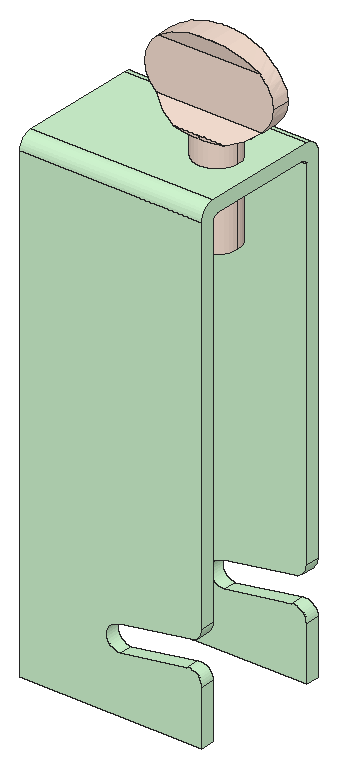
Revit family "チャンネルクロス金具", category 機械設備, Revit 2020
Family settings
  丸型コネクタ寸法 = 直径を使用
  種別 = なし
  パーツ タイプ = 標準
  作業面ベース = いいえ
  常に垂直 = はい
  ロード時にボイドで切り取り = いいえ
  共有 = いいえ
  部屋計算ポイント = いいえ
Parameters
  製造元 = "株式会社桐井製作所"
  既定の高さ = 0 mm
  URL = "https://www.kirii.co.jp/"
  K_品名 = "チャンネルクロス金具"
  K_名称 = "クロス金具"
  K_入数 = "500"
  K_バージョン情報 = "20211012"
Reference planes
  plane 1 "中心(正面/背面)": y = 0
  plane 2: z = 0
  plane 3 "中心(左/右)": x = 0
Forms (mm)
  Extrusion 1, solid
    sketch origin (0, 0, 0) x (0, 1, 0) y (0, 0, 1)
      loop
        line (6.75, -0.6) -> (6.75, -54.4) -> (8.35, -54.4) -> (8.35, 0)
        arc (8.35, 0) -> (7.881, 1.131) -> (6.75, 1.6) r 1.6
        line (6.75, 1.6) -> (-6.75, 1.6)
        arc (-6.75, 1.6) -> (-7.881, 1.131) -> (-8.35, 0) r 1.6
        line (-8.35, 0) -> (-8.35, -54.4) -> (-6.75, -54.4) -> (-6.75, -0.6)
        arc (-6.75, -0.6) -> (-6.574, -0.176) -> (-6.15, 0) r 0.6
        line (-6.15, 0) -> (6.15, 0)
        arc (6.15, 0) -> (6.574, -0.176) -> (6.75, -0.6) r 0.6
    from -10.5 to 10.5
  Extrusion 2, void
    sketch origin (0, 0, 0) x (1, 0, 0) y (0, 0, 1)
      loop
        line (9.203, -43.577) -> (1, -44.9)
        arc (1, -44.9) -> (-0.5, -46.4) -> (1, -47.9) r 1.5
        line (1, -47.9) -> (8.797, -46.632)
        arc (8.797, -46.632) -> (9.986, -46.988) -> (10.5, -48.118) r 1.5
        line (10.5, -48.118) -> (10.5, -42.091)
        arc (10.5, -42.091) -> (10.13, -43.077) -> (9.203, -43.577) r 1.5
    from 6.75 to 8.35
  Extrusion 3, void
    sketch origin (0, 15.1, 0) x (1, 0, 0) y (0, 0, 1)
      loop
        line (9.203, -43.577) -> (1, -44.9)
        arc (1, -44.9) -> (-0.5, -46.4) -> (1, -47.9) r 1.5
        line (1, -47.9) -> (8.797, -46.632)
        arc (8.797, -46.632) -> (9.986, -46.988) -> (10.5, -48.118) r 1.5
        line (10.5, -48.118) -> (10.5, -42.091)
        arc (10.5, -42.091) -> (10.13, -43.077) -> (9.203, -43.577) r 1.5
    from 6.75 to 8.35
  Extrusion 4, void
    sketch origin (0, 0, 0) x (1, 0, 0) y (0, 1, 0)
      loop
        circle (5.5, 0) r 2.5
    from 0 to 1.6
Cuts and joins
  Extrusion 2, Extrusion 3, Extrusion 4 cuts Extrusion 1
Dimensions and locks
  aligned and locked: level to plane 2
Nested families
  nested 1: "BTM5×12" at (5.489, 0, 4.689) x (-1, 0, 0) z (0, 0, 1), type "BTM5×12"
Definition of nested family "BTM5×12"
  Parameters (values of type "BTM5×12")
    Manufacturer = "株式会社桐井製作所"
    Default Elevation = 0 mm
    URL = "https://www.kirii.co.jp/"
    K_名称 = "つまみボルトBTM5×12"
  Reference planes
    plane 1 "中心(正面/背面)": y = 0
    plane 2: z = 0
    plane 3 "中心(左/右)": x = 0
  Forms (mm)
    Extrusion 1, solid
      sketch origin (0, 0.2, 0) x (1, 0, 0) y (0, 1, 0)
        loop
          circle (-0.011, -0.2) r 2.5
      from 0 to -12
    Extrusion 2, solid
      sketch origin (0, 0, 0) x (1, 0, 0) y (0, 0, 1)
        loop
          spline (7.45, 4.591) -> (7.196, 5.885) -> (6.452, 7.091) -> (5.268, 8.127) -> (3.725, 8.922) -> (1.928, 9.421) -> (0, 9.591) -> (-1.928, 9.421) -> (-3.725, 8.922) -> (-5.268, 8.127) -> (-6.452, 7.091) -> (-7.196, 5.885) -> (-7.45, 4.591)
          spline (-7.45, 4.591) -> (-7.196, 3.297) -> (-6.452, 2.091) -> (-5.268, 1.056) -> (-3.725, 0.261) -> (-1.928, -0.238) -> (0, -0.409) -> (1.928, -0.238) -> (3.725, 0.261) -> (5.268, 1.056) -> (6.452, 2.091) -> (7.196, 3.297) -> (7.45, 4.591)
      from -2.5 to 2.5
    Extrusion 3, void
      sketch origin (0, 0, 0) x (0, 1, 0) y (0, 0, 1)
        loop
          line (-1.5, 9.613) -> (-2.5, 9.613) -> (-2.5, 0) -> (-1, 1.714) -> (-1, 7.714) -> (-1.5, 9.613)
        loop
          line (1.678, 10.29) -> (1, 7.714) -> (1, 1.714) -> (2.5, 0) -> (2.5, 10.29) -> (1.678, 10.29)
      from -8.4 to 8.301
  Cuts and joins
    Extrusion 3 cuts Extrusion 2
  Dimensions and locks
    aligned and locked: level to plane 2
